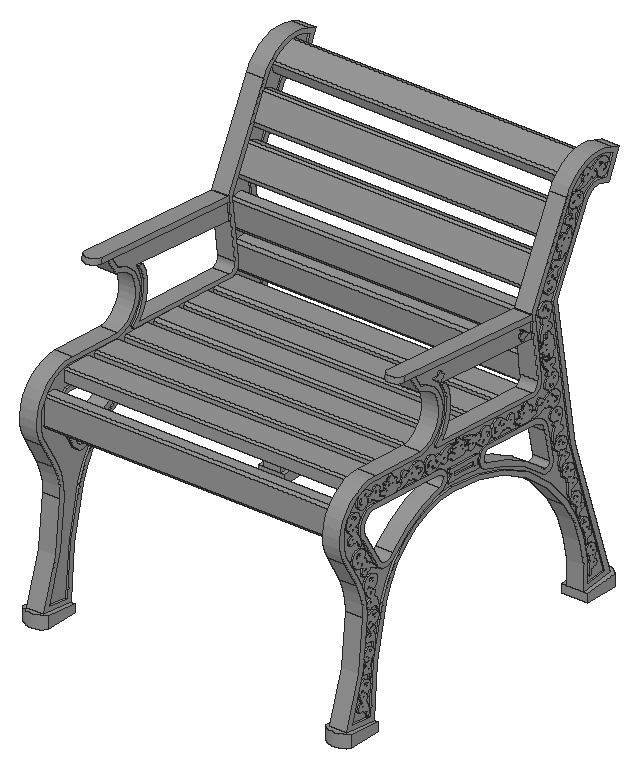
Revit family "Скамейка чугунная «Ретро стиль»", category Мебель, Revit 2017 (continued)
Definition of nested family "Опора"
  Forms (mm)
    Extrusion 7, solid, material <- "Материал"
      sketch origin (0, 0, 0) x (0, 1, 0) y (0, 0, 1)
        loop
          spline (145.129, 128.098) -> (145.082, 129.01) -> (144.89, 129.924) -> (144.561, 130.807) -> (144.105, 131.628) -> (143.54, 132.356) -> (142.886, 132.967) -> (142.165, 133.438) -> (141.405, 133.751) -> (140.632, 133.897) -> (139.874, 133.868) -> (139.159, 133.668) -> (138.512, 133.302)
          spline (138.512, 133.302) -> (139.062, 133.212) -> (139.584, 132.901) -> (140.01, 132.409) -> (140.286, 131.797) -> (140.379, 131.144) -> (140.275, 130.532) -> (139.989, 130.039) -> (139.556, 129.727) -> (139.031, 129.636) -> (138.481, 129.778) -> (137.976, 130.134) -> (137.579, 130.659)
          spline (137.579, 130.659) -> (137.106, 131.72) -> (136.816, 132.838) -> (136.722, 133.965) -> (136.827, 135.051) -> (137.128, 136.048) -> (137.611, 136.912) -> (138.255, 137.606) -> (139.031, 138.097) -> (139.905, 138.366) -> (140.838, 138.399) -> (141.79, 138.196) -> (142.719, 137.765)
          spline (142.719, 137.765) -> (142.624, 137.092) -> (142.623, 136.392) -> (142.716, 135.681) -> (142.901, 134.978) -> (143.172, 134.3) -> (143.524, 133.663) -> (143.948, 133.084) -> (144.432, 132.576) -> (144.966, 132.153) -> (145.536, 131.824) -> (146.127, 131.598) -> (146.726, 131.48)
          spline (146.726, 131.48) -> (147.045, 131.433) -> (147.363, 131.359) -> (147.68, 131.257) -> (147.994, 131.13) -> (148.303, 130.976) -> (148.605, 130.798) -> (148.899, 130.596) -> (149.183, 130.371) -> (149.456, 130.124) -> (149.716, 129.857) -> (149.962, 129.571) -> (150.192, 129.268)
          spline (150.192, 129.268) -> (150.319, 129.053) -> (150.409, 128.819) -> (150.457, 128.576) -> (150.463, 128.334) -> (150.424, 128.106) -> (150.344, 127.9) -> (150.226, 127.727) -> (150.075, 127.594) -> (149.898, 127.507) -> (149.702, 127.471) -> (149.498, 127.486) -> (149.294, 127.552)
          spline (149.294, 127.552) -> (148.669, 127.767) -> (148.041, 127.85) -> (147.429, 127.799) -> (146.854, 127.615) -> (146.334, 127.305) -> (145.885, 126.878) -> (145.523, 126.348) -> (145.258, 125.732) -> (145.1, 125.051) -> (145.054, 124.326) -> (145.121, 123.581) -> (145.299, 122.84)
          line (145.299, 122.84) -> (145.865, 122.275)
          arc (145.865, 122.275) -> (146.061, 122.713) -> (146.27, 123.146) r 15.898
          spline (146.27, 123.146) -> (146.448, 123.297) -> (146.645, 123.414) -> (146.859, 123.497) -> (147.085, 123.543) -> (147.319, 123.551) -> (147.558, 123.521) -> (147.796, 123.454) -> (148.03, 123.351) -> (148.255, 123.214) -> (148.468, 123.045) -> (148.664, 122.847) -> (148.841, 122.624)
          spline (148.841, 122.624) -> (149.126, 122.115) -> (149.302, 121.558) -> (149.358, 120.989) -> (149.289, 120.446) -> (149.1, 119.967) -> (148.804, 119.584) -> (148.42, 119.322) -> (147.975, 119.198) -> (147.499, 119.222) -> (147.023, 119.392) -> (146.579, 119.696) -> (146.198, 120.113)
          spline (146.198, 120.113) -> (145.592, 120.756) -> (144.881, 121.188) -> (144.129, 121.37) -> (143.401, 121.287) -> (142.763, 120.946) -> (142.271, 120.377) -> (141.968, 119.631) -> (141.881, 118.773) -> (142.019, 117.88) -> (142.368, 117.03) -> (142.898, 116.299) -> (143.562, 115.752)
          spline (143.562, 115.752) -> (143.571, 116.036) -> (143.647, 116.292) -> (143.784, 116.501) -> (143.97, 116.648) -> (144.193, 116.72) -> (144.435, 116.713) -> (144.676, 116.626) -> (144.9, 116.467) -> (145.088, 116.247) -> (145.225, 115.984) -> (145.302, 115.698) -> (145.313, 115.411)
          spline (145.313, 115.411) -> (144.831, 113.583) -> (144.485, 111.689) -> (144.277, 109.742) -> (144.208, 107.753) -> (144.279, 105.737) -> (144.489, 103.706) -> (144.838, 101.675) -> (145.322, 99.657) -> (145.938, 97.665) -> (146.683, 95.712) -> (147.551, 93.813) -> (148.537, 91.978)
          line (148.537, 91.978) -> (149.254, 92.394)
          arc (149.254, 92.394) -> (148.862, 93.603) -> (148.581, 94.844) r 13.941
          spline (148.581, 94.844) -> (148.494, 95.619) -> (148.428, 96.394) -> (148.383, 97.166) -> (148.359, 97.936) -> (148.357, 98.702) -> (148.376, 99.463) -> (148.416, 100.219) -> (148.477, 100.968) -> (148.56, 101.711) -> (148.664, 102.446) -> (148.789, 103.173) -> (148.935, 103.89)
          spline (148.935, 103.89) -> (149.029, 104.119) -> (149.173, 104.303) -> (149.357, 104.431) -> (149.571, 104.494) -> (149.8, 104.489) -> (150.031, 104.415) -> (150.248, 104.278) -> (150.439, 104.086) -> (150.59, 103.851) -> (150.694, 103.588) -> (150.743, 103.313) -> (150.734, 103.044)
          spline (150.734, 103.044) -> (151.437, 103.369) -> (152.014, 103.916) -> (152.424, 104.649) -> (152.641, 105.516) -> (152.649, 106.459) -> (152.447, 107.414) -> (152.05, 108.316) -> (151.485, 109.103) -> (150.789, 109.721) -> (150.011, 110.129) -> (149.203, 110.298) -> (148.421, 110.218)
          spline (148.421, 110.218) -> (148.713, 110.773) -> (149.072, 111.263) -> (149.493, 111.681) -> (149.966, 112.018) -> (150.485, 112.269) -> (151.039, 112.428) -> (151.619, 112.494) -> (152.214, 112.464) -> (152.814, 112.341) -> (153.408, 112.124) -> (153.985, 111.82) -> (154.536, 111.432)
          spline (154.536, 111.432) -> (154.138, 111.201) -> (153.785, 110.892) -> (153.487, 110.513) -> (153.249, 110.074) -> (153.078, 109.584) -> (152.979, 109.056) -> (152.952, 108.502) -> (153, 107.935) -> (153.12, 107.369) -> (153.31, 106.817) -> (153.566, 106.293) -> (153.88, 105.808)
          spline (153.88, 105.808) -> (154.666, 105.573) -> (155.447, 105.545) -> (156.184, 105.724) -> (156.842, 106.103) -> (157.387, 106.661) -> (157.792, 107.372) -> (158.037, 108.2) -> (158.11, 109.104) -> (158.007, 110.038) -> (157.733, 110.958) -> (157.303, 111.815) -> (156.737, 112.569)
          spline (156.737, 112.569) -> (156.262, 113.119) -> (155.745, 113.609) -> (155.193, 114.033) -> (154.613, 114.385) -> (154.014, 114.662) -> (153.404, 114.858) -> (152.79, 114.971) -> (152.18, 115.001) -> (151.585, 114.945) -> (151.01, 114.806) -> (150.464, 114.585) -> (149.955, 114.284)
          spline (149.955, 114.284) -> (150.277, 115.341) -> (150.574, 116.412) -> (150.845, 117.496) -> (151.091, 118.594) -> (151.311, 119.704) -> (151.505, 120.825) -> (151.673, 121.957) -> (151.815, 123.099) -> (151.931, 124.25) -> (152.02, 125.409) -> (152.083, 126.576) -> (152.12, 127.75)
          spline (152.12, 127.75) -> (152.091, 128.912) -> (151.96, 130.084) -> (151.728, 131.254) -> (151.397, 132.409) -> (150.971, 133.537) -> (150.454, 134.625) -> (149.852, 135.662) -> (149.172, 136.636) -> (148.422, 137.538) -> (147.608, 138.356) -> (146.74, 139.082) -> (145.828, 139.708)
          spline (145.828, 139.708) -> (144.552, 140.382) -> (143.239, 140.857) -> (141.913, 141.122) -> (140.6, 141.174) -> (139.323, 141.01) -> (138.106, 140.636) -> (136.972, 140.056) -> (135.943, 139.283) -> (135.037, 138.33) -> (134.272, 137.215) -> (133.661, 135.96) -> (133.216, 134.587)
        loop
          spline (160.194, 86.797) -> (159.925, 86.096) -> (159.754, 85.346) -> (159.685, 84.565) -> (159.721, 83.772) -> (159.859, 82.987) -> (160.097, 82.229) -> (160.43, 81.518) -> (160.847, 80.87) -> (161.34, 80.302) -> (161.897, 79.827) -> (162.502, 79.458) -> (163.142, 79.204)
          spline (163.142, 79.204) -> (163.486, 79.085) -> (163.824, 78.938) -> (164.153, 78.761) -> (164.472, 78.557) -> (164.78, 78.327) -> (165.074, 78.071) -> (165.353, 77.791) -> (165.616, 77.489) -> (165.86, 77.166) -> (166.086, 76.824) -> (166.291, 76.465) -> (166.474, 76.091)
          spline (166.474, 76.091) -> (166.564, 75.834) -> (166.607, 75.564) -> (166.602, 75.293) -> (166.55, 75.033) -> (166.451, 74.796) -> (166.312, 74.593) -> (166.138, 74.433) -> (165.937, 74.323) -> (165.718, 74.268) -> (165.491, 74.271) -> (165.267, 74.331) -> (165.054, 74.445)
          spline (165.054, 74.445) -> (164.41, 74.809) -> (163.729, 75.033) -> (163.033, 75.109) -> (162.346, 75.036) -> (161.69, 74.815) -> (161.085, 74.453) -> (160.552, 73.963) -> (160.108, 73.361) -> (159.766, 72.664) -> (159.539, 71.898) -> (159.432, 71.085) -> (159.451, 70.253)
          line (159.451, 70.253) -> (160.149, 69.555)
          arc (160.149, 69.555) -> (160.566, 70.185) -> (161.195, 70.602) r 1.893
          spline (161.195, 70.602) -> (161.404, 70.626) -> (161.615, 70.623) -> (161.826, 70.593) -> (162.034, 70.536) -> (162.238, 70.454) -> (162.435, 70.346) -> (162.623, 70.215) -> (162.799, 70.062) -> (162.962, 69.887) -> (163.11, 69.695) -> (163.24, 69.485) -> (163.352, 69.262)
          spline (163.352, 69.262) -> (163.547, 68.656) -> (163.609, 68.021) -> (163.533, 67.4) -> (163.324, 66.833) -> (162.997, 66.361) -> (162.573, 66.013) -> (162.081, 65.814) -> (161.554, 65.778) -> (161.028, 65.905) -> (160.538, 66.189) -> (160.117, 66.609) -> (159.793, 67.138)
          spline (159.793, 67.138) -> (159.272, 67.957) -> (158.583, 68.572) -> (157.788, 68.929) -> (156.955, 68.996) -> (156.16, 68.767) -> (155.472, 68.263) -> (154.953, 67.528) -> (154.648, 66.628) -> (154.585, 65.641) -> (154.768, 64.656) -> (155.183, 63.759) -> (155.791, 63.031)
          spline (155.791, 63.031) -> (155.87, 63.332) -> (156.017, 63.591) -> (156.22, 63.786) -> (156.464, 63.903) -> (156.73, 63.933) -> (156.998, 63.873) -> (157.247, 63.728) -> (157.458, 63.51) -> (157.614, 63.234) -> (157.704, 62.923) -> (157.721, 62.6) -> (157.663, 62.29)
          spline (157.663, 62.29) -> (156.681, 60.435) -> (155.835, 58.48) -> (155.13, 56.438) -> (154.57, 54.322) -> (154.16, 52.146) -> (153.902, 49.925) -> (153.797, 47.674) -> (153.848, 45.408) -> (154.052, 43.142) -> (154.41, 40.891) -> (154.918, 38.669) -> (155.573, 36.492)
          line (155.573, 36.492) -> (156.698, 36.873)
          arc (156.698, 36.873) -> (156.486, 38.856) -> (156.466, 40.85) r 20.636
          spline (156.466, 40.85) -> (156.575, 41.584) -> (156.702, 42.312) -> (156.846, 43.034) -> (157.007, 43.75) -> (157.186, 44.459) -> (157.382, 45.16) -> (157.595, 45.852) -> (157.825, 46.536) -> (158.072, 47.21) -> (158.335, 47.874) -> (158.614, 48.527) -> (158.909, 49.17)
          spline (158.909, 49.17) -> (159.069, 49.395) -> (159.275, 49.562) -> (159.512, 49.659) -> (159.765, 49.681) -> (160.02, 49.626) -> (160.26, 49.498) -> (160.469, 49.304) -> (160.635, 49.058) -> (160.748, 48.773) -> (160.8, 48.469) -> (160.787, 48.164) -> (160.712, 47.878)
          spline (160.712, 47.878) -> (161.576, 48.075) -> (162.353, 48.538) -> (162.989, 49.235) -> (163.441, 50.118) -> (163.679, 51.127) -> (163.686, 52.194) -> (163.462, 53.245) -> (163.021, 54.209) -> (162.395, 55.02) -> (161.625, 55.624) -> (160.764, 55.979) -> (159.871, 56.06)
          spline (159.871, 56.06) -> (160.332, 56.592) -> (160.853, 57.041) -> (161.423, 57.398) -> (162.034, 57.658) -> (162.673, 57.815) -> (163.331, 57.867) -> (163.994, 57.813) -> (164.651, 57.654) -> (165.291, 57.393) -> (165.902, 57.034) -> (166.473, 56.584) -> (166.994, 56.051)
          spline (166.994, 56.051) -> (166.493, 55.888) -> (166.024, 55.633) -> (165.598, 55.291) -> (165.227, 54.871) -> (164.917, 54.383) -> (164.678, 53.839) -> (164.514, 53.251) -> (164.429, 52.633) -> (164.426, 52.001) -> (164.504, 51.369) -> (164.662, 50.752) -> (164.896, 50.166)
          spline (164.896, 50.166) -> (165.716, 49.746) -> (166.581, 49.548) -> (167.447, 49.582) -> (168.273, 49.847) -> (169.017, 50.328) -> (169.642, 51.003) -> (170.117, 51.838) -> (170.417, 52.79) -> (170.53, 53.814) -> (170.447, 54.857) -> (170.175, 55.869) -> (169.726, 56.798)
          spline (169.726, 56.798) -> (169.329, 57.488) -> (168.871, 58.124) -> (168.358, 58.696) -> (167.796, 59.198) -> (167.195, 59.623) -> (166.561, 59.964) -> (165.903, 60.217) -> (165.23, 60.379) -> (164.551, 60.447) -> (163.876, 60.421) -> (163.213, 60.301) -> (162.572, 60.088)
          spline (162.572, 60.088) -> (163.187, 61.151) -> (163.779, 62.235) -> (164.345, 63.339) -> (164.886, 64.462) -> (165.401, 65.604) -> (165.89, 66.764) -> (166.352, 67.941) -> (166.788, 69.134) -> (167.197, 70.342) -> (167.578, 71.566) -> (167.932, 72.802) -> (168.258, 74.052)
          spline (168.258, 74.052) -> (168.508, 75.303) -> (168.646, 76.587) -> (168.671, 77.89) -> (168.582, 79.199) -> (168.38, 80.499) -> (168.067, 81.775) -> (167.647, 83.015) -> (167.125, 84.205) -> (166.505, 85.331) -> (165.796, 86.382) -> (165.003, 87.346) -> (164.137, 88.212)
          spline (164.137, 88.212) -> (162.876, 89.208) -> (161.526, 89.998) -> (160.11, 90.566) -> (158.656, 90.903) -> (157.191, 91.002) -> (155.741, 90.861) -> (154.335, 90.483) -> (152.998, 89.875) -> (151.756, 89.048) -> (150.631, 88.018) -> (149.644, 86.803) -> (148.814, 85.428)
          spline (148.814, 85.428) -> (148.326, 84.295) -> (147.983, 83.079) -> (147.792, 81.805) -> (147.757, 80.499) -> (147.879, 79.188) -> (148.156, 77.898) -> (148.582, 76.656) -> (149.147, 75.488) -> (149.841, 74.417) -> (150.649, 73.466) -> (151.554, 72.654) -> (152.539, 71.998)
          spline (152.539, 71.998) -> (153.329, 71.627) -> (154.146, 71.387) -> (154.976, 71.281) -> (155.803, 71.314) -> (156.61, 71.483) -> (157.382, 71.786) -> (158.104, 72.216) -> (158.764, 72.767) -> (159.347, 73.426) -> (159.843, 74.181) -> (160.242, 75.019) -> (160.537, 75.923)
          spline (160.537, 75.923) -> (160.706, 76.91) -> (160.714, 77.93) -> (160.561, 78.947) -> (160.252, 79.924) -> (159.798, 80.826) -> (159.215, 81.62) -> (158.525, 82.279) -> (157.753, 82.778) -> (156.925, 83.099) -> (156.073, 83.231) -> (155.225, 83.17) -> (154.414, 82.916)
          spline (154.414, 82.916) -> (155.007, 82.702) -> (155.513, 82.258) -> (155.869, 81.639) -> (156.03, 80.924) -> (155.974, 80.204) -> (155.71, 79.57) -> (155.27, 79.103) -> (154.711, 78.862) -> (154.103, 78.877) -> (153.524, 79.147) -> (153.046, 79.637) -> (152.731, 80.285)
          spline (152.731, 80.285) -> (152.46, 81.522) -> (152.408, 82.783) -> (152.576, 84.01) -> (152.958, 85.151) -> (153.536, 86.155) -> (154.285, 86.978) -> (155.172, 87.582) -> (156.157, 87.943) -> (157.198, 88.043) -> (158.249, 87.879) -> (159.262, 87.457) -> (160.194, 86.797)
        loop
          line (-7.63, 512.248) -> (-8.191, 505.843) -> (-3.36, 504.197)
          arc (-3.36, 504.197) -> (-2.02, 501.929) -> (-4.055, 500.257) r 2.024
          arc (-4.055, 500.257) -> (0.738, 501.208) -> (1.021, 506.086) r 3.992
          arc (1.021, 506.086) -> (7.32, 505.364) -> (13.394, 507.181) r 15.765
          arc (13.394, 507.181) -> (7.727, 510.026) -> (1.399, 510.409) r 15.765
          arc (1.399, 510.409) -> (1.967, 515.262) -> (-2.587, 517.03) r 3.992
          arc (-2.587, 517.03) -> (-0.873, 515.03) -> (-2.587, 513.03) r 2.024
          line (-2.587, 513.03) -> (-7.63, 512.248)
        loop
          line (-10.635, 361.062) -> (-10.761, 362.033)
          arc (-10.761, 362.033) -> (-18.157, 365.242) -> (-24.536, 370.173) r 32.5
          arc (-24.536, 370.173) -> (-24.502, 372.225) -> (-22.453, 372.321) r 1.499
          arc (-22.453, 372.321) -> (-26.613, 378.063) -> (-32.355, 373.903) r 5.014
          arc (-32.355, 373.903) -> (-33.409, 379.487) -> (-30.13, 384.127) r 7.282
          arc (-30.13, 384.127) -> (-28.243, 380.048) -> (-23.847, 379.11) r 5.025
          arc (-23.847, 379.11) -> (-23.358, 386.21) -> (-30.16, 388.306) r 5.728
          arc (-30.16, 388.306) -> (-34.875, 384.839) -> (-36.262, 379.154) r 8.563
          arc (-36.262, 379.154) -> (-43.096, 386.194) -> (-50.947, 392.078) r 62.537
          arc (-50.947, 392.078) -> (-60.107, 394.436) -> (-68.914, 390.987) r 15.376
          arc (-68.914, 390.987) -> (-74.646, 379.833) -> (-70.399, 368.034) r 15.725
          arc (-70.399, 368.034) -> (-61.73, 364.523) -> (-53.416, 368.806) r 11.211
          arc (-53.416, 368.806) -> (-51.659, 375.688) -> (-55.553, 381.629) r 8.808
          arc (-55.553, 381.629) -> (-62.677, 381.673) -> (-65.698, 375.22) r 6.606
          arc (-65.698, 375.22) -> (-61.352, 375.94) -> (-63.12, 371.906) r 2.505
          arc (-63.12, 371.906) -> (-70.523, 376.419) -> (-68.473, 384.842) r 7.347
          arc (-68.473, 384.842) -> (-63.121, 383.147) -> (-58.609, 386.488) r 6.173
          arc (-58.609, 386.488) -> (-56.673, 388.876) -> (-53.904, 390.212) r 7.045
          arc (-53.904, 390.212) -> (-52.19, 389.468) -> (-52.407, 387.612) r 1.567
          arc (-52.407, 387.612) -> (-53.651, 381.915) -> (-49.209, 378.137) r 5.667
          line (-49.209, 378.137) -> (-48.343, 378.636)
          arc (-48.343, 378.636) -> (-48.948, 381.452) -> (-46.829, 383.402) r 2.901
          arc (-46.829, 383.402) -> (-43.243, 381.175) -> (-45.434, 377.566) r 3
          arc (-45.434, 377.566) -> (-48.102, 371.746) -> (-41.838, 370.42) r 4.1
          arc (-41.838, 370.42) -> (-42.455, 372.441) -> (-40.383, 372.855) r 1.425
          arc (-40.383, 372.855) -> (-26.983, 363.24) -> (-10.635, 361.062) r 34
        loop
          arc (-82.175, 373.601) -> (-87.527, 375.297) -> (-92.039, 371.956) r 6.173
          arc (-92.039, 371.956) -> (-93.975, 369.568) -> (-96.743, 368.232) r 7.045
          arc (-96.743, 368.232) -> (-98.457, 368.975) -> (-98.24, 370.831) r 1.567
          arc (-98.24, 370.831) -> (-96.997, 376.528) -> (-101.438, 380.306) r 5.667
          line (-101.438, 380.306) -> (-102.305, 379.807)
          arc (-102.305, 379.807) -> (-101.7, 376.992) -> (-103.818, 375.042) r 2.901
          arc (-103.818, 375.042) -> (-107.405, 377.269) -> (-105.214, 380.877) r 3
          arc (-105.214, 380.877) -> (-102.545, 386.698) -> (-108.81, 388.024) r 4.1
          arc (-108.81, 388.024) -> (-108.193, 386.003) -> (-110.264, 385.588) r 1.425
          arc (-110.264, 385.588) -> (-123.664, 395.203) -> (-140.012, 397.381) r 34
          line (-140.012, 397.381) -> (-139.886, 396.41)
          arc (-139.886, 396.41) -> (-132.49, 393.201) -> (-126.112, 388.27) r 32.5
          arc (-126.112, 388.27) -> (-126.145, 386.219) -> (-128.195, 386.122) r 1.499
          arc (-128.195, 386.122) -> (-124.034, 380.38) -> (-118.293, 384.54) r 5.014
          arc (-118.293, 384.54) -> (-117.239, 378.957) -> (-120.518, 374.316) r 7.282
          arc (-120.518, 374.316) -> (-122.405, 378.395) -> (-126.8, 379.334) r 5.025
          arc (-126.8, 379.334) -> (-127.29, 372.233) -> (-120.488, 370.138) r 5.728
          arc (-120.488, 370.138) -> (-115.773, 373.604) -> (-114.386, 379.29) r 8.563
          arc (-114.386, 379.29) -> (-107.551, 372.25) -> (-99.7, 366.366) r 62.537
          arc (-99.7, 366.366) -> (-90.54, 364.007) -> (-81.733, 367.457) r 15.376
          arc (-81.733, 367.457) -> (-76.002, 378.61) -> (-80.249, 390.409) r 15.725
          arc (-80.249, 390.409) -> (-88.917, 393.92) -> (-97.232, 389.638) r 11.211
          arc (-97.232, 389.638) -> (-98.988, 382.755) -> (-95.095, 376.814) r 8.808
          arc (-95.095, 376.814) -> (-87.97, 376.771) -> (-84.95, 383.224) r 6.606
          arc (-84.95, 383.224) -> (-89.295, 382.503) -> (-87.527, 386.537) r 2.505
          arc (-87.527, 386.537) -> (-80.124, 382.025) -> (-82.175, 373.601) r 7.347
        loop
          line (-164.864, 398.026) -> (-164.614, 398.972)
          arc (-164.614, 398.972) -> (-181.107, 398.918) -> (-195.633, 391.109) r 34
          arc (-195.633, 391.109) -> (-197.634, 391.787) -> (-196.762, 393.711) r 1.425
          arc (-196.762, 393.711) -> (-203.145, 393.203) -> (-201.248, 387.088) r 4.1
          arc (-201.248, 387.088) -> (-199.541, 383.227) -> (-203.384, 381.48) r 3
          arc (-203.384, 381.48) -> (-205.234, 383.687) -> (-204.271, 386.401) r 2.901
          line (-204.271, 386.401) -> (-205.066, 387.008)
          arc (-205.066, 387.008) -> (-209.957, 383.833) -> (-209.458, 378.023) r 5.667
          arc (-209.458, 378.023) -> (-209.482, 376.155) -> (-211.277, 375.638) r 1.567
          arc (-211.277, 375.638) -> (-213.851, 377.32) -> (-215.463, 379.937) r 7.045
          arc (-215.463, 379.937) -> (-219.507, 383.831) -> (-225.033, 382.839) r 6.173
          arc (-225.033, 382.839) -> (-225.981, 391.457) -> (-218.059, 394.978) r 7.347
          arc (-218.059, 394.978) -> (-216.825, 390.75) -> (-221.042, 392.024) r 2.505
          arc (-221.042, 392.024) -> (-218.877, 385.236) -> (-211.806, 384.362) r 6.606
          arc (-211.806, 384.362) -> (-207.181, 389.752) -> (-208.036, 396.803) r 8.808
          arc (-208.036, 396.803) -> (-215.729, 402.121) -> (-224.778, 399.755) r 11.211
          arc (-224.778, 399.755) -> (-230.509, 388.602) -> (-226.262, 376.803) r 15.725
          arc (-226.262, 376.803) -> (-217.973, 372.248) -> (-208.585, 373.407) r 15.376
          arc (-208.585, 373.407) -> (-200.042, 378.231) -> (-192.358, 384.332) r 62.537
          arc (-192.358, 384.332) -> (-191.714, 378.515) -> (-187.485, 374.47) r 8.563
          arc (-187.485, 374.47) -> (-180.47, 375.672) -> (-180.041, 382.777) r 5.728
          arc (-180.041, 382.777) -> (-184.521, 382.412) -> (-186.917, 378.61) r 5.025
          arc (-186.917, 378.61) -> (-189.571, 383.634) -> (-187.807, 389.036) r 7.282
          arc (-187.807, 389.036) -> (-182.649, 384.17) -> (-177.783, 389.329) r 5.014
          arc (-177.783, 389.329) -> (-179.804, 389.689) -> (-179.572, 391.728) r 1.499
          arc (-179.572, 391.728) -> (-172.612, 395.796) -> (-164.864, 398.026) r 32.5
        loop
          spline (-239.318, 377.688) -> (-237.78, 379.172) -> (-236.455, 380.854) -> (-235.37, 382.703) -> (-234.544, 384.683) -> (-233.993, 386.759) -> (-233.728, 388.89) -> (-233.752, 391.038) -> (-234.066, 393.162) -> (-234.663, 395.222) -> (-235.533, 397.181) -> (-236.66, 399.002) -> (-238.021, 400.65)
          spline (-238.021, 400.65) -> (-239.176, 401.747) -> (-240.437, 402.716) -> (-241.792, 403.548) -> (-243.224, 404.232) -> (-244.72, 404.763) -> (-246.263, 405.133) -> (-247.835, 405.339) -> (-249.42, 405.378) -> (-251.001, 405.251) -> (-252.56, 404.959) -> (-254.081, 404.504) -> (-255.548, 403.892)
          spline (-255.548, 403.892) -> (-257.002, 403.169) -> (-258.438, 402.409) -> (-259.854, 401.61) -> (-261.248, 400.774) -> (-262.621, 399.902) -> (-263.97, 398.994) -> (-265.295, 398.05) -> (-266.596, 397.072) -> (-267.87, 396.06) -> (-269.118, 395.015) -> (-270.339, 393.937) -> (-271.531, 392.827)
          spline (-271.531, 392.827) -> (-271.362, 393.807) -> (-271.306, 394.8) -> (-271.365, 395.793) -> (-271.537, 396.772) -> (-271.821, 397.725) -> (-272.212, 398.637) -> (-272.705, 399.498) -> (-273.294, 400.294) -> (-273.971, 401.017) -> (-274.726, 401.655) -> (-275.549, 402.2) -> (-276.43, 402.645)
          spline (-276.43, 402.645) -> (-277.604, 403.119) -> (-278.852, 403.318) -> (-280.114, 403.233) -> (-281.326, 402.868) -> (-282.428, 402.24) -> (-283.366, 401.382) -> (-284.092, 400.335) -> (-284.57, 399.152) -> (-284.777, 397.892) -> (-284.702, 396.617) -> (-284.35, 395.391) -> (-283.737, 394.274)
          spline (-283.737, 394.274) -> (-283.003, 394.048) -> (-282.242, 393.938) -> (-281.474, 393.948) -> (-280.717, 394.077) -> (-279.988, 394.322) -> (-279.305, 394.678) -> (-278.684, 395.135) -> (-278.14, 395.684) -> (-277.686, 396.31) -> (-277.333, 397) -> (-277.09, 397.736) -> (-276.961, 398.501)
          spline (-276.961, 398.501) -> (-276.252, 397.844) -> (-275.636, 397.097) -> (-275.125, 396.274) -> (-274.726, 395.39) -> (-274.448, 394.46) -> (-274.295, 393.5) -> (-274.27, 392.528) -> (-274.374, 391.562) -> (-274.604, 390.617) -> (-274.956, 389.712) -> (-275.425, 388.863) -> (-276.001, 388.084)
          spline (-276.001, 388.084) -> (-276.218, 389.374) -> (-276.757, 390.563) -> (-277.583, 391.57) -> (-278.64, 392.327) -> (-279.855, 392.782) -> (-281.145, 392.903) -> (-282.422, 392.683) -> (-283.601, 392.137) -> (-284.599, 391.301) -> (-285.349, 390.233) -> (-285.801, 389.006) -> (-285.923, 387.703)
          spline (-285.923, 387.703) -> (-285.589, 387.87) -> (-285.225, 387.948) -> (-284.854, 387.932) -> (-284.498, 387.824) -> (-284.18, 387.629) -> (-283.92, 387.361) -> (-283.734, 387.036) -> (-283.635, 386.674) -> (-283.627, 386.298) -> (-283.712, 385.932) -> (-283.885, 385.599) -> (-284.134, 385.32)
          spline (-284.134, 385.32) -> (-285.203, 384.514) -> (-286.305, 383.754) -> (-287.437, 383.04) -> (-288.597, 382.375) -> (-289.783, 381.758) -> (-290.994, 381.191) -> (-292.227, 380.676) -> (-293.48, 380.213) -> (-294.751, 379.802) -> (-296.037, 379.445) -> (-297.337, 379.142) -> (-298.648, 378.894)
          line (-298.648, 378.894) -> (-298.888, 377.946)
          spline (-298.888, 377.946) -> (-296.191, 377.416) -> (-293.46, 377.11) -> (-290.713, 377.03) -> (-287.969, 377.177) -> (-285.245, 377.549) -> (-282.56, 378.144) -> (-279.932, 378.958) -> (-277.379, 379.987) -> (-274.916, 381.222) -> (-272.562, 382.655) -> (-270.33, 384.278) -> (-268.237, 386.079)
          spline (-268.237, 386.079) -> (-267.873, 386.225) -> (-267.484, 386.264) -> (-267.099, 386.194) -> (-266.748, 386.019) -> (-266.458, 385.754) -> (-266.251, 385.418) -> (-266.144, 385.038) -> (-266.144, 384.643) -> (-266.252, 384.263) -> (-266.459, 383.927) -> (-266.749, 383.661) -> (-267.1, 383.486)
          spline (-267.1, 383.486) -> (-266.146, 382.74) -> (-265.015, 382.31) -> (-263.81, 382.236) -> (-262.635, 382.523) -> (-261.596, 383.146) -> (-260.785, 384.05) -> (-260.272, 385.155) -> (-260.104, 386.364) -> (-260.295, 387.568) -> (-260.829, 388.662) -> (-261.658, 389.548) -> (-262.708, 390.149)
          spline (-262.708, 390.149) -> (-263.386, 390.519) -> (-263.946, 391.052) -> (-264.351, 391.713) -> (-264.575, 392.458) -> (-264.601, 393.235) -> (-264.428, 393.994) -> (-264.068, 394.682) -> (-263.545, 395.254) -> (-262.894, 395.671) -> (-262.159, 395.905) -> (-261.389, 395.94) -> (-260.636, 395.774)
          spline (-260.636, 395.774) -> (-260.186, 395.564) -> (-259.777, 395.279) -> (-259.424, 394.927) -> (-259.136, 394.519) -> (-258.922, 394.066) -> (-258.788, 393.584) -> (-258.739, 393.085) -> (-258.775, 392.584) -> (-258.897, 392.098) -> (-259.099, 391.64) -> (-259.377, 391.223) -> (-259.721, 390.862)
          line (-259.721, 390.862) -> (-258.929, 390.262)
          spline (-258.929, 390.262) -> (-257.929, 390.398) -> (-256.969, 390.713) -> (-256.08, 391.197) -> (-255.291, 391.834) -> (-254.627, 392.603) -> (-254.111, 393.479) -> (-253.758, 394.434) -> (-253.581, 395.438) -> (-253.584, 396.457) -> (-253.768, 397.459) -> (-254.127, 398.412) -> (-254.649, 399.284)
          spline (-254.649, 399.284) -> (-254.815, 399.571) -> (-254.917, 399.888) -> (-254.95, 400.219) -> (-254.914, 400.55) -> (-254.808, 400.866) -> (-254.64, 401.152) -> (-254.415, 401.396) -> (-254.144, 401.586) -> (-253.839, 401.714) -> (-253.515, 401.775) -> (-253.185, 401.765) -> (-252.866, 401.684)
          spline (-252.866, 401.684) -> (-252.392, 401.49) -> (-251.934, 401.26) -> (-251.495, 400.998) -> (-251.075, 400.703) -> (-250.678, 400.379) -> (-250.305, 400.025) -> (-249.959, 399.645) -> (-249.642, 399.241) -> (-249.355, 398.814) -> (-249.099, 398.367) -> (-248.877, 397.902) -> (-248.689, 397.422)
          spline (-248.689, 397.422) -> (-248.299, 396.536) -> (-247.776, 395.723) -> (-247.133, 395.003) -> (-246.386, 394.393) -> (-245.554, 393.91) -> (-244.656, 393.564) -> (-243.716, 393.364) -> (-242.757, 393.316) -> (-241.802, 393.421) -> (-240.874, 393.675) -> (-239.997, 394.073) -> (-239.193, 394.604)
          spline (-239.193, 394.604) -> (-238.277, 393.371) -> (-237.637, 391.971) -> (-237.3, 390.467) -> (-237.281, 388.924) -> (-237.582, 387.412) -> (-238.189, 385.996) -> (-239.075, 384.738) -> (-240.202, 383.695) -> (-241.519, 382.912) -> (-242.968, 382.424) -> (-244.486, 382.253) -> (-246.006, 382.405)
          spline (-246.006, 382.405) -> (-246.825, 382.739) -> (-247.476, 383.341) -> (-247.876, 384.136) -> (-247.976, 385.022) -> (-247.761, 385.888) -> (-247.26, 386.623) -> (-246.535, 387.134) -> (-245.68, 387.357) -> (-244.801, 387.262) -> (-244.012, 386.863) -> (-243.411, 386.21) -> (-243.075, 385.385)
          spline (-243.075, 385.385) -> (-242.88, 386.622) -> (-242.919, 387.873) -> (-243.191, 389.095) -> (-243.686, 390.242) -> (-244.388, 391.274) -> (-245.269, 392.154) -> (-246.299, 392.849) -> (-247.441, 393.336) -> (-248.654, 393.596) -> (-249.893, 393.62) -> (-251.115, 393.408) -> (-252.276, 392.966)
          spline (-252.276, 392.966) -> (-253.32, 392.357) -> (-254.271, 391.608) -> (-255.111, 390.733) -> (-255.824, 389.751) -> (-256.395, 388.678) -> (-256.815, 387.537) -> (-257.076, 386.347) -> (-257.171, 385.134) -> (-257.1, 383.919) -> (-256.863, 382.725) -> (-256.466, 381.576) -> (-255.915, 380.494)
          spline (-255.915, 380.494) -> (-254.998, 379.183) -> (-253.904, 378.018) -> (-252.656, 377.023) -> (-251.28, 376.219) -> (-249.804, 375.621) -> (-248.259, 375.243) -> (-246.675, 375.092) -> (-245.087, 375.172) -> (-243.525, 375.479) -> (-242.023, 376.009) -> (-240.611, 376.75) -> (-239.318, 377.688)
        loop
          spline (-326.339, 380.248) -> (-327.613, 380.642) -> (-328.871, 381.089) -> (-330.109, 381.589) -> (-331.325, 382.14) -> (-332.518, 382.741) -> (-333.685, 383.392) -> (-334.824, 384.091) -> (-335.934, 384.838) -> (-337.011, 385.63) -> (-338.056, 386.466) -> (-339.065, 387.346) -> (-340.037, 388.267)
          spline (-340.037, 388.267) -> (-340.253, 388.573) -> (-340.387, 388.923) -> (-340.43, 389.296) -> (-340.381, 389.668) -> (-340.241, 390.016) -> (-340.02, 390.319) -> (-339.731, 390.556) -> (-339.393, 390.714) -> (-339.027, 390.781) -> (-338.656, 390.755) -> (-338.304, 390.637) -> (-337.991, 390.433)
          spline (-337.991, 390.433) -> (-337.965, 391.742) -> (-338.276, 393.012) -> (-338.901, 394.158) -> (-339.799, 395.1) -> (-340.908, 395.776) -> (-342.153, 396.138) -> (-343.449, 396.163) -> (-344.707, 395.848) -> (-345.842, 395.215) -> (-346.776, 394.307) -> (-347.446, 393.186) -> (-347.807, 391.928)
          spline (-347.807, 391.928) -> (-348.292, 392.768) -> (-348.662, 393.665) -> (-348.91, 394.604) -> (-349.032, 395.568) -> (-349.026, 396.54) -> (-348.892, 397.502) -> (-348.632, 398.439) -> (-348.251, 399.332) -> (-347.755, 400.166) -> (-347.154, 400.926) -> (-346.458, 401.598) -> (-345.68, 402.171)
          spline (-345.68, 402.171) -> (-345.638, 401.397) -> (-345.479, 400.638) -> (-345.206, 399.913) -> (-344.826, 399.24) -> (-344.347, 398.633) -> (-343.782, 398.109) -> (-343.143, 397.678) -> (-342.446, 397.353) -> (-341.708, 397.139) -> (-340.946, 397.043) -> (-340.178, 397.066) -> (-339.423, 397.209)
          spline (-339.423, 397.209) -> (-338.688, 398.249) -> (-338.2, 399.428) -> (-337.982, 400.686) -> (-338.046, 401.962) -> (-338.388, 403.191) -> (-338.992, 404.313) -> (-339.826, 405.271) -> (-340.851, 406.019) -> (-342.014, 406.519) -> (-343.258, 406.745) -> (-344.522, 406.688) -> (-345.741, 406.349)
          spline (-345.741, 406.349) -> (-346.666, 406.006) -> (-347.546, 405.557) -> (-348.368, 405.008) -> (-349.121, 404.366) -> (-349.796, 403.641) -> (-350.384, 402.842) -> (-350.875, 401.979) -> (-351.264, 401.065) -> (-351.546, 400.111) -> (-351.716, 399.131) -> (-351.772, 398.138) -> (-351.714, 397.145)
          spline (-351.714, 397.145) -> (-352.774, 398.382) -> (-353.865, 399.59) -> (-354.988, 400.77) -> (-356.14, 401.919) -> (-357.322, 403.037) -> (-358.533, 404.124) -> (-359.772, 405.178) -> (-361.037, 406.2) -> (-362.329, 407.187) -> (-363.645, 408.14) -> (-364.986, 409.057) -> (-366.35, 409.939)
          spline (-366.35, 409.939) -> (-367.738, 410.712) -> (-369.198, 411.336) -> (-370.715, 411.802) -> (-372.272, 412.106) -> (-373.851, 412.245) -> (-375.437, 412.217) -> (-377.011, 412.023) -> (-378.557, 411.665) -> (-380.058, 411.146) -> (-381.497, 410.472) -> (-382.859, 409.651) -> (-384.13, 408.691)
          spline (-384.13, 408.691) -> (-385.669, 407.207) -> (-386.993, 405.525) -> (-388.078, 403.676) -> (-388.904, 401.696) -> (-389.455, 399.621) -> (-389.721, 397.489) -> (-389.697, 395.341) -> (-389.383, 393.217) -> (-388.785, 391.157) -> (-387.915, 389.198) -> (-386.789, 387.377) -> (-385.427, 385.729)
          spline (-385.427, 385.729) -> (-384.248, 384.652) -> (-382.928, 383.756) -> (-381.495, 383.061) -> (-379.978, 382.579) -> (-378.409, 382.322) -> (-376.819, 382.293) -> (-375.24, 382.495) -> (-373.707, 382.922) -> (-372.249, 383.567) -> (-370.897, 384.415) -> (-369.679, 385.449) -> (-368.619, 386.648)
          spline (-368.619, 386.648) -> (-367.951, 387.662) -> (-367.426, 388.759) -> (-367.057, 389.918) -> (-366.849, 391.117) -> (-366.807, 392.334) -> (-366.932, 393.545) -> (-367.221, 394.727) -> (-367.668, 395.857) -> (-368.266, 396.913) -> (-369.002, 397.877) -> (-369.862, 398.728) -> (-370.831, 399.451)
          spline (-370.831, 399.451) -> (-371.935, 400.021) -> (-373.125, 400.369) -> (-374.36, 400.485) -> (-375.594, 400.363) -> (-376.783, 400.008) -> (-377.885, 399.433) -> (-378.86, 398.658) -> (-379.673, 397.712) -> (-380.294, 396.627) -> (-380.702, 395.444) -> (-380.882, 394.205) -> (-380.827, 392.954)
          spline (-380.827, 392.954) -> (-380.4, 393.736) -> (-379.73, 394.318) -> (-378.901, 394.625) -> (-378.017, 394.62) -> (-377.192, 394.302) -> (-376.53, 393.713) -> (-376.115, 392.926) -> (-375.999, 392.042) -> (-376.197, 391.172) -> (-376.684, 390.428) -> (-377.399, 389.902) -> (-378.25, 389.663)
          spline (-378.25, 389.663) -> (-379.777, 389.683) -> (-381.267, 390.024) -> (-382.652, 390.672) -> (-383.872, 391.598) -> (-384.874, 392.762) -> (-385.613, 394.111) -> (-386.057, 395.586) -> (-386.186, 397.123) -> (-385.994, 398.654) -> (-385.49, 400.111) -> (-384.696, 401.429) -> (-383.647, 402.552)
          spline (-383.647, 402.552) -> (-382.907, 401.933) -> (-382.081, 401.439) -> (-381.188, 401.082) -> (-380.251, 400.871) -> (-379.292, 400.811) -> (-378.335, 400.903) -> (-377.405, 401.146) -> (-376.523, 401.532) -> (-375.713, 402.054) -> (-374.993, 402.697) -> (-374.381, 403.446) -> (-373.894, 404.283)
          spline (-373.894, 404.283) -> (-373.653, 404.739) -> (-373.38, 405.175) -> (-373.075, 405.591) -> (-372.742, 405.983) -> (-372.381, 406.349) -> (-371.995, 406.687) -> (-371.585, 406.996) -> (-371.154, 407.274) -> (-370.704, 407.52) -> (-370.237, 407.731) -> (-369.756, 407.907) -> (-369.264, 408.047)
          spline (-369.264, 408.047) -> (-368.937, 408.091) -> (-368.608, 408.064) -> (-368.293, 407.968) -> (-368.005, 407.806) -> (-367.757, 407.586) -> (-367.561, 407.319) -> (-367.426, 407.015) -> (-367.357, 406.69) -> (-367.357, 406.357) -> (-367.428, 406.031) -> (-367.565, 405.728) -> (-367.762, 405.461)
          spline (-367.762, 405.461) -> (-368.379, 404.654) -> (-368.843, 403.748) -> (-369.139, 402.773) -> (-369.257, 401.761) -> (-369.193, 400.743) -> (-368.95, 399.754) -> (-368.536, 398.825) -> (-367.963, 397.986) -> (-367.251, 397.265) -> (-366.422, 396.684) -> (-365.503, 396.263) -> (-364.525, 396.015)
          line (-364.525, 396.015) -> (-363.671, 396.522)
          spline (-363.671, 396.522) -> (-363.972, 396.92) -> (-364.201, 397.365) -> (-364.35, 397.843) -> (-364.416, 398.34) -> (-364.396, 398.841) -> (-364.291, 399.331) -> (-364.104, 399.796) -> (-363.84, 400.222) -> (-363.508, 400.595) -> (-363.117, 400.905) -> (-362.679, 401.142) -> (-362.208, 401.3)
          spline (-362.208, 401.3) -> (-361.441, 401.38) -> (-360.681, 401.258) -> (-359.977, 400.943) -> (-359.377, 400.456) -> (-358.921, 399.829) -> (-358.641, 399.104) -> (-358.554, 398.331) -> (-358.668, 397.561) -> (-358.974, 396.847) -> (-359.451, 396.235) -> (-360.068, 395.768) -> (-360.782, 395.477)
          spline (-360.782, 395.477) -> (-361.894, 394.999) -> (-362.818, 394.211) -> (-363.471, 393.185) -> (-363.797, 392.009) -> (-363.766, 390.79) -> (-363.381, 389.634) -> (-362.676, 388.644) -> (-361.713, 387.908) -> (-360.579, 387.49) -> (-359.373, 387.429) -> (-358.201, 387.728) -> (-357.169, 388.363)
          spline (-357.169, 388.363) -> (-357.498, 388.576) -> (-357.757, 388.873) -> (-357.924, 389.23) -> (-357.989, 389.62) -> (-357.944, 390.012) -> (-357.795, 390.378) -> (-357.552, 390.688) -> (-357.234, 390.919) -> (-356.865, 391.053) -> (-356.475, 391.079) -> (-356.092, 390.997) -> (-355.747, 390.811)
          spline (-355.747, 390.811) -> (-353.87, 388.786) -> (-351.835, 386.922) -> (-349.657, 385.232) -> (-347.35, 383.728) -> (-344.928, 382.419) -> (-342.408, 381.314) -> (-339.808, 380.42) -> (-337.143, 379.743) -> (-334.433, 379.289) -> (-331.694, 379.059) -> (-328.946, 379.055) -> (-326.207, 379.278)
          line (-326.207, 379.278) -> (-326.339, 380.248)
        loop
          spline (-388.211, 380.222) -> (-389.862, 381.58) -> (-391.685, 382.702) -> (-393.646, 383.567) -> (-395.709, 384.16) -> (-397.833, 384.469) -> (-399.981, 384.488) -> (-402.112, 384.217) -> (-404.186, 383.661) -> (-406.164, 382.831) -> (-408.01, 381.741) -> (-409.689, 380.413) -> (-411.17, 378.871)
          spline (-411.17, 378.871) -> (-412.127, 377.598) -> (-412.945, 376.233) -> (-413.615, 374.792) -> (-414.13, 373.29) -> (-414.485, 371.744) -> (-414.676, 370.169) -> (-414.7, 368.583) -> (-414.557, 367.004) -> (-414.249, 365.448) -> (-413.779, 363.933) -> (-413.152, 362.474) -> (-412.376, 361.088)
          spline (-412.376, 361.088) -> (-411.491, 359.726) -> (-410.57, 358.387) -> (-409.614, 357.073) -> (-408.624, 355.784) -> (-407.6, 354.521) -> (-406.542, 353.285) -> (-405.453, 352.076) -> (-404.332, 350.897) -> (-403.18, 349.747) -> (-401.998, 348.627) -> (-400.786, 347.539) -> (-399.547, 346.482)
          spline (-399.547, 346.482) -> (-400.54, 346.538) -> (-401.533, 346.479) -> (-402.513, 346.306) -> (-403.466, 346.023) -> (-404.379, 345.631) -> (-405.241, 345.138) -> (-406.039, 344.549) -> (-406.763, 343.872) -> (-407.402, 343.117) -> (-407.949, 342.294) -> (-408.396, 341.413) -> (-408.737, 340.488)
          spline (-408.737, 340.488) -> (-409.073, 339.267) -> (-409.127, 338.004) -> (-408.898, 336.76) -> (-408.395, 335.598) -> (-407.645, 334.575) -> (-406.685, 333.743) -> (-405.562, 333.142) -> (-404.332, 332.803) -> (-403.056, 332.742) -> (-401.798, 332.963) -> (-400.621, 333.454) -> (-399.582, 334.191)
          spline (-399.582, 334.191) -> (-399.441, 334.946) -> (-399.42, 335.714) -> (-399.518, 336.476) -> (-399.733, 337.214) -> (-400.06, 337.91) -> (-400.492, 338.547) -> (-401.018, 339.112) -> (-401.625, 339.589) -> (-402.3, 339.967) -> (-403.025, 340.239) -> (-403.785, 340.396) -> (-404.559, 340.436)
          spline (-404.559, 340.436) -> (-403.988, 341.216) -> (-403.317, 341.913) -> (-402.559, 342.516) -> (-401.726, 343.013) -> (-400.834, 343.397) -> (-399.898, 343.659) -> (-398.936, 343.795) -> (-397.963, 343.804) -> (-396.999, 343.684) -> (-396.06, 343.438) -> (-395.162, 343.07) -> (-394.321, 342.587)
          spline (-394.321, 342.587) -> (-395.578, 342.224) -> (-396.698, 341.551) -> (-397.603, 340.614) -> (-398.234, 339.478) -> (-398.546, 338.219) -> (-398.518, 336.923) -> (-398.153, 335.68) -> (-397.474, 334.572) -> (-396.53, 333.676) -> (-395.383, 333.054) -> (-394.112, 332.746) -> (-392.803, 332.775)
          spline (-392.803, 332.775) -> (-393.007, 333.087) -> (-393.127, 333.439) -> (-393.154, 333.81) -> (-393.087, 334.176) -> (-392.93, 334.515) -> (-392.693, 334.804) -> (-392.391, 335.026) -> (-392.044, 335.166) -> (-391.671, 335.217) -> (-391.298, 335.174) -> (-390.948, 335.041) -> (-390.642, 334.826)
          spline (-390.642, 334.826) -> (-389.718, 333.856) -> (-388.836, 332.849) -> (-387.997, 331.807) -> (-387.203, 330.731) -> (-386.454, 329.623) -> (-385.752, 328.485) -> (-385.098, 327.32) -> (-384.494, 326.129) -> (-383.94, 324.914) -> (-383.438, 323.677) -> (-382.987, 322.42) -> (-382.59, 321.146)
          line (-382.59, 321.146) -> (-381.62, 321.017)
          spline (-381.62, 321.017) -> (-381.404, 323.757) -> (-381.414, 326.505) -> (-381.65, 329.243) -> (-382.111, 331.952) -> (-382.794, 334.615) -> (-383.694, 337.214) -> (-384.805, 339.731) -> (-386.12, 342.149) -> (-387.63, 344.453) -> (-389.324, 346.628) -> (-391.193, 348.658) -> (-393.223, 350.53)
          spline (-393.223, 350.53) -> (-393.409, 350.874) -> (-393.493, 351.257) -> (-393.467, 351.648) -> (-393.334, 352.016) -> (-393.104, 352.335) -> (-392.795, 352.579) -> (-392.429, 352.729) -> (-392.037, 352.774) -> (-391.647, 352.711) -> (-391.289, 352.544) -> (-390.992, 352.286) -> (-390.778, 351.957)
          spline (-390.778, 351.957) -> (-390.146, 352.991) -> (-389.849, 354.163) -> (-389.913, 355.37) -> (-390.334, 356.503) -> (-391.072, 357.464) -> (-392.064, 358.166) -> (-393.22, 358.549) -> (-394.44, 358.577) -> (-395.615, 358.248) -> (-396.64, 357.593) -> (-397.425, 356.667) -> (-397.901, 355.554)
          spline (-397.901, 355.554) -> (-398.19, 354.839) -> (-398.656, 354.221) -> (-399.266, 353.742) -> (-399.98, 353.435) -> (-400.749, 353.32) -> (-401.523, 353.404) -> (-402.248, 353.683) -> (-402.876, 354.137) -> (-403.365, 354.735) -> (-403.682, 355.439) -> (-403.805, 356.199) -> (-403.727, 356.966)
          spline (-403.727, 356.966) -> (-403.57, 357.438) -> (-403.334, 357.876) -> (-403.025, 358.268) -> (-402.652, 358.601) -> (-402.228, 358.865) -> (-401.763, 359.054) -> (-401.273, 359.16) -> (-400.772, 359.181) -> (-400.275, 359.117) -> (-399.797, 358.968) -> (-399.351, 358.74) -> (-398.952, 358.44)
          line (-398.952, 358.44) -> (-398.448, 359.295)
          spline (-398.448, 359.295) -> (-398.698, 360.274) -> (-399.121, 361.191) -> (-399.704, 362.019) -> (-400.427, 362.729) -> (-401.267, 363.3) -> (-402.197, 363.712) -> (-403.187, 363.953) -> (-404.204, 364.014) -> (-405.216, 363.893) -> (-406.191, 363.595) -> (-407.095, 363.129) -> (-407.901, 362.51)
          spline (-407.901, 362.51) -> (-408.168, 362.312) -> (-408.471, 362.175) -> (-408.796, 362.103) -> (-409.129, 362.102) -> (-409.455, 362.17) -> (-409.759, 362.305) -> (-410.027, 362.5) -> (-410.247, 362.747) -> (-410.409, 363.035) -> (-410.506, 363.35) -> (-410.534, 363.679) -> (-410.491, 364.006)
          spline (-410.491, 364.006) -> (-410.352, 364.499) -> (-410.177, 364.98) -> (-409.967, 365.447) -> (-409.722, 365.898) -> (-409.446, 366.329) -> (-409.137, 366.74) -> (-408.8, 367.127) -> (-408.435, 367.489) -> (-408.044, 367.823) -> (-407.629, 368.128) -> (-407.193, 368.403) -> (-406.737, 368.644)
          spline (-406.737, 368.644) -> (-405.902, 369.134) -> (-405.154, 369.747) -> (-404.513, 370.469) -> (-403.993, 371.281) -> (-403.608, 372.163) -> (-403.368, 373.094) -> (-403.278, 374.051) -> (-403.34, 375.01) -> (-403.554, 375.946) -> (-403.913, 376.839) -> (-404.409, 377.664) -> (-405.029, 378.402)
          spline (-405.029, 378.402) -> (-403.91, 379.453) -> (-402.593, 380.25) -> (-401.137, 380.758) -> (-399.607, 380.954) -> (-398.07, 380.829) -> (-396.593, 380.388) -> (-395.242, 379.652) -> (-394.077, 378.653) -> (-393.148, 377.435) -> (-392.497, 376.051) -> (-392.152, 374.563) -> (-392.128, 373.036)
          spline (-392.128, 373.036) -> (-392.365, 372.184) -> (-392.889, 371.468) -> (-393.632, 370.979) -> (-394.501, 370.779) -> (-395.386, 370.893) -> (-396.174, 371.306) -> (-396.765, 371.967) -> (-397.084, 372.791) -> (-397.092, 373.674) -> (-396.786, 374.505) -> (-396.206, 375.176) -> (-395.425, 375.605)
          spline (-395.425, 375.605) -> (-396.676, 375.657) -> (-397.915, 375.474) -> (-399.097, 375.063) -> (-400.18, 374.439) -> (-401.124, 373.624) -> (-401.897, 372.648) -> (-402.469, 371.544) -> (-402.822, 370.354) -> (-402.941, 369.12) -> (-402.822, 367.885) -> (-402.471, 366.696) -> (-401.899, 365.594)
          spline (-401.899, 365.594) -> (-401.173, 364.626) -> (-400.32, 363.768) -> (-399.355, 363.034) -> (-398.297, 362.439) -> (-397.166, 361.994) -> (-395.983, 361.708) -> (-394.772, 361.587) -> (-393.555, 361.632) -> (-392.356, 361.842) -> (-391.198, 362.214) -> (-390.102, 362.741) -> (-389.09, 363.412)
          spline (-389.09, 363.412) -> (-387.893, 364.474) -> (-386.862, 365.695) -> (-386.017, 367.049) -> (-385.377, 368.508) -> (-384.953, 370.043) -> (-384.755, 371.622) -> (-384.787, 373.212) -> (-385.048, 374.781) -> (-385.533, 376.296) -> (-386.232, 377.728) -> (-387.131, 379.045) -> (-388.211, 380.222)
        loop
          spline (-400.368, 303.492) -> (-400.51, 301.906) -> (-400.487, 300.315) -> (-400.297, 298.737) -> (-399.943, 297.189) -> (-399.43, 295.688) -> (-398.762, 294.249) -> (-397.947, 292.889) -> (-396.993, 291.622) -> (-395.912, 290.462) -> (-394.714, 289.421) -> (-393.413, 288.512) -> (-392.022, 287.743)
          spline (-392.022, 287.743) -> (-390.552, 287.052) -> (-389.064, 286.399) -> (-387.559, 285.786) -> (-386.038, 285.212) -> (-384.502, 284.678) -> (-382.952, 284.185) -> (-381.39, 283.732) -> (-379.815, 283.321) -> (-378.23, 282.95) -> (-376.636, 282.622) -> (-375.032, 282.335) -> (-373.422, 282.09)
          spline (-373.422, 282.09) -> (-374.295, 281.614) -> (-375.108, 281.04) -> (-375.85, 280.378) -> (-376.511, 279.634) -> (-377.081, 278.82) -> (-377.553, 277.947) -> (-377.921, 277.026) -> (-378.179, 276.069) -> (-378.325, 275.091) -> (-378.356, 274.103) -> (-378.272, 273.119) -> (-378.074, 272.152)
          spline (-378.074, 272.152) -> (-377.716, 270.938) -> (-377.097, 269.835) -> (-376.246, 268.899) -> (-375.207, 268.177) -> (-374.031, 267.703) -> (-372.776, 267.501) -> (-371.504, 267.583) -> (-370.28, 267.942) -> (-369.164, 268.563) -> (-368.211, 269.413) -> (-367.469, 270.451) -> (-366.975, 271.625)
          spline (-366.975, 271.625) -> (-367.253, 272.341) -> (-367.64, 273.005) -> (-368.124, 273.601) -> (-368.696, 274.115) -> (-369.341, 274.534) -> (-370.044, 274.848) -> (-370.789, 275.05) -> (-371.556, 275.136) -> (-372.329, 275.102) -> (-373.089, 274.951) -> (-373.817, 274.685) -> (-374.496, 274.31)
          spline (-374.496, 274.31) -> (-374.422, 275.274) -> (-374.219, 276.22) -> (-373.892, 277.132) -> (-373.446, 277.994) -> (-372.89, 278.789) -> (-372.233, 279.505) -> (-371.487, 280.129) -> (-370.665, 280.648) -> (-369.782, 281.054) -> (-368.854, 281.34) -> (-367.897, 281.501) -> (-366.928, 281.533)
          spline (-366.928, 281.533) -> (-367.805, 280.562) -> (-368.402, 279.4) -> (-368.678, 278.127) -> (-368.615, 276.829) -> (-368.217, 275.595) -> (-367.511, 274.508) -> (-366.545, 273.643) -> (-365.385, 273.06) -> (-364.11, 272.796) -> (-362.807, 272.871) -> (-361.564, 273.28) -> (-360.468, 273.994)
          spline (-360.468, 273.994) -> (-360.805, 274.151) -> (-361.093, 274.388) -> (-361.311, 274.689) -> (-361.447, 275.036) -> (-361.492, 275.406) -> (-361.443, 275.776) -> (-361.304, 276.124) -> (-361.082, 276.426) -> (-360.793, 276.666) -> (-360.453, 276.826) -> (-360.085, 276.898) -> (-359.711, 276.876)
          spline (-359.711, 276.876) -> (-358.415, 276.538) -> (-357.135, 276.147) -> (-355.873, 275.703) -> (-354.63, 275.208) -> (-353.41, 274.661) -> (-352.214, 274.064) -> (-351.045, 273.418) -> (-349.903, 272.724) -> (-348.792, 271.983) -> (-347.714, 271.197) -> (-346.669, 270.366) -> (-345.66, 269.493)
          line (-345.66, 269.493) -> (-344.768, 269.894)
          spline (-344.768, 269.894) -> (-346.027, 272.336) -> (-347.484, 274.667) -> (-349.127, 276.869) -> (-350.947, 278.929) -> (-352.931, 280.832) -> (-355.065, 282.566) -> (-357.335, 284.12) -> (-359.727, 285.483) -> (-362.225, 286.645) -> (-364.811, 287.6) -> (-367.469, 288.341) -> (-370.18, 288.862)
          spline (-370.18, 288.862) -> (-370.52, 289.057) -> (-370.793, 289.338) -> (-370.977, 289.684) -> (-371.058, 290.067) -> (-371.031, 290.459) -> (-370.896, 290.829) -> (-370.665, 291.15) -> (-370.355, 291.395) -> (-369.99, 291.547) -> (-369.598, 291.593) -> (-369.21, 291.531) -> (-368.855, 291.364)
          spline (-368.855, 291.364) -> (-368.862, 292.576) -> (-369.228, 293.728) -> (-369.918, 294.72) -> (-370.873, 295.462) -> (-372.006, 295.889) -> (-373.219, 295.963) -> (-374.404, 295.679) -> (-375.455, 295.06) -> (-376.28, 294.162) -> (-376.806, 293.064) -> (-376.986, 291.864) -> (-376.804, 290.668)
          spline (-376.804, 290.668) -> (-376.673, 289.907) -> (-376.743, 289.137) -> (-377.009, 288.408) -> (-377.454, 287.771) -> (-378.047, 287.267) -> (-378.749, 286.931) -> (-379.512, 286.786) -> (-380.285, 286.841) -> (-381.016, 287.092) -> (-381.656, 287.523) -> (-382.162, 288.104) -> (-382.499, 288.797)
          spline (-382.499, 288.797) -> (-382.615, 289.281) -> (-382.645, 289.778) -> (-382.589, 290.274) -> (-382.448, 290.753) -> (-382.226, 291.202) -> (-381.931, 291.606) -> (-381.57, 291.955) -> (-381.155, 292.237) -> (-380.699, 292.444) -> (-380.214, 292.57) -> (-379.715, 292.611) -> (-379.218, 292.566)
          line (-379.218, 292.566) -> (-379.24, 293.559)
          spline (-379.24, 293.559) -> (-379.968, 294.258) -> (-380.811, 294.815) -> (-381.743, 295.211) -> (-382.732, 295.434) -> (-383.746, 295.477) -> (-384.754, 295.337) -> (-385.722, 295.02) -> (-386.619, 294.536) -> (-387.415, 293.9) -> (-388.086, 293.133) -> (-388.61, 292.26) -> (-388.969, 291.31)
          spline (-388.969, 291.31) -> (-389.091, 291.001) -> (-389.276, 290.724) -> (-389.515, 290.492) -> (-389.797, 290.316) -> (-390.11, 290.202) -> (-390.439, 290.156) -> (-390.77, 290.181) -> (-391.087, 290.275) -> (-391.377, 290.434) -> (-391.625, 290.651) -> (-391.822, 290.915) -> (-391.958, 291.216)
          spline (-391.958, 291.216) -> (-392.099, 291.708) -> (-392.204, 292.209) -> (-392.271, 292.717) -> (-392.301, 293.229) -> (-392.294, 293.742) -> (-392.248, 294.253) -> (-392.165, 294.76) -> (-392.045, 295.26) -> (-391.889, 295.75) -> (-391.698, 296.228) -> (-391.471, 296.691) -> (-391.212, 297.136)
          spline (-391.212, 297.136) -> (-390.76, 297.993) -> (-390.448, 298.908) -> (-390.283, 299.859) -> (-390.269, 300.823) -> (-390.407, 301.776) -> (-390.693, 302.694) -> (-391.121, 303.554) -> (-391.679, 304.336) -> (-392.354, 305.02) -> (-393.129, 305.589) -> (-393.986, 306.029) -> (-394.902, 306.329)
          spline (-394.902, 306.329) -> (-394.504, 307.813) -> (-393.805, 309.184) -> (-392.836, 310.383) -> (-391.638, 311.355) -> (-390.266, 312.059) -> (-388.779, 312.463) -> (-387.243, 312.549) -> (-385.726, 312.314) -> (-384.294, 311.769) -> (-383.012, 310.936) -> (-381.934, 309.852) -> (-381.11, 308.567)
          spline (-381.11, 308.567) -> (-380.862, 307.718) -> (-380.93, 306.834) -> (-381.304, 306.026) -> (-381.937, 305.398) -> (-382.749, 305.029) -> (-383.636, 304.965) -> (-384.487, 305.215) -> (-385.193, 305.747) -> (-385.665, 306.494) -> (-385.842, 307.361) -> (-385.703, 308.237) -> (-385.266, 309.013)
          spline (-385.266, 309.013) -> (-386.356, 308.398) -> (-387.313, 307.59) -> (-388.101, 306.618) -> (-388.692, 305.517) -> (-389.066, 304.327) -> (-389.207, 303.089) -> (-389.113, 301.85) -> (-388.785, 300.653) -> (-388.235, 299.541) -> (-387.484, 298.554) -> (-386.559, 297.729) -> (-385.492, 297.093)
          spline (-385.492, 297.093) -> (-384.366, 296.654) -> (-383.188, 296.374) -> (-381.981, 296.258) -> (-380.768, 296.31) -> (-379.573, 296.528) -> (-378.417, 296.908) -> (-377.324, 297.443) -> (-376.313, 298.122) -> (-375.405, 298.933) -> (-374.617, 299.86) -> (-373.963, 300.885) -> (-373.456, 301.989)
          spline (-373.456, 301.989) -> (-372.999, 303.522) -> (-372.766, 305.103) -> (-372.761, 306.699) -> (-372.986, 308.277) -> (-373.434, 309.804) -> (-374.098, 311.25) -> (-374.963, 312.585) -> (-376.012, 313.781) -> (-377.223, 314.813) -> (-378.571, 315.661) -> (-380.029, 316.308) -> (-381.567, 316.738)
          spline (-381.567, 316.738) -> (-383.686, 317.022) -> (-385.827, 317.015) -> (-387.95, 316.717) -> (-390.015, 316.134) -> (-391.983, 315.277) -> (-393.819, 314.162) -> (-395.487, 312.809) -> (-396.956, 311.243) -> (-398.2, 309.495) -> (-399.195, 307.596) -> (-399.922, 305.583) -> (-400.368, 303.492)
        loop
          spline (-369.967, 257.725) -> (-370.885, 256.321) -> (-371.661, 254.821) -> (-372.287, 253.24) -> (-372.755, 251.595) -> (-373.062, 249.904) -> (-373.203, 248.187) -> (-373.178, 246.46) -> (-372.985, 244.744) -> (-372.628, 243.056) -> (-372.11, 241.415) -> (-371.438, 239.839) -> (-370.617, 238.345)
          spline (-370.617, 238.345) -> (-369.688, 236.879) -> (-368.725, 235.439) -> (-367.727, 234.026) -> (-366.695, 232.641) -> (-365.63, 231.286) -> (-364.534, 229.96) -> (-363.405, 228.666) -> (-362.246, 227.403) -> (-361.057, 226.173) -> (-359.839, 224.976) -> (-358.592, 223.814) -> (-357.318, 222.687)
          spline (-357.318, 222.687) -> (-358.314, 222.729) -> (-359.306, 222.646) -> (-360.282, 222.44) -> (-361.226, 222.113) -> (-362.129, 221.67) -> (-362.975, 221.117) -> (-363.756, 220.461) -> (-364.459, 219.71) -> (-365.076, 218.876) -> (-365.597, 217.97) -> (-366.017, 217.003) -> (-366.329, 215.989)
          spline (-366.329, 215.989) -> (-366.627, 214.654) -> (-366.642, 213.277) -> (-366.373, 211.928) -> (-365.834, 210.672) -> (-365.051, 209.573) -> (-364.064, 208.685) -> (-362.921, 208.052) -> (-361.679, 207.706) -> (-360.4, 207.664) -> (-359.148, 207.928) -> (-357.985, 208.485) -> (-356.968, 209.307)
          spline (-356.968, 209.307) -> (-356.851, 210.132) -> (-356.854, 210.968) -> (-356.976, 211.796) -> (-357.214, 212.595) -> (-357.564, 213.346) -> (-358.016, 214.032) -> (-358.56, 214.636) -> (-359.183, 215.144) -> (-359.87, 215.544) -> (-360.605, 215.826) -> (-361.369, 215.983) -> (-362.146, 216.012)
          spline (-362.146, 216.012) -> (-361.599, 216.871) -> (-360.949, 217.643) -> (-360.209, 218.313) -> (-359.391, 218.87) -> (-358.51, 219.304) -> (-357.581, 219.607) -> (-356.622, 219.774) -> (-355.65, 219.802) -> (-354.681, 219.689) -> (-353.733, 219.439) -> (-352.822, 219.055) -> (-351.966, 218.545)
          spline (-351.966, 218.545) -> (-353.213, 218.126) -> (-354.312, 217.373) -> (-355.189, 216.336) -> (-355.785, 215.088) -> (-356.057, 213.711) -> (-355.989, 212.302) -> (-355.584, 210.954) -> (-354.871, 209.761) -> (-353.897, 208.804) -> (-352.73, 208.148) -> (-351.448, 207.837) -> (-350.139, 207.893)
          spline (-350.139, 207.893) -> (-350.353, 208.229) -> (-350.484, 208.611) -> (-350.522, 209.014) -> (-350.467, 209.414) -> (-350.32, 209.785) -> (-350.093, 210.104) -> (-349.798, 210.351) -> (-349.454, 210.511) -> (-349.083, 210.573) -> (-348.708, 210.533) -> (-348.353, 210.395) -> (-348.04, 210.167)
          spline (-348.04, 210.167) -> (-347.085, 209.128) -> (-346.171, 208.049) -> (-345.298, 206.93) -> (-344.469, 205.774) -> (-343.685, 204.582) -> (-342.947, 203.357) -> (-342.256, 202.1) -> (-341.614, 200.815) -> (-341.022, 199.503) -> (-340.48, 198.166) -> (-339.99, 196.807) -> (-339.552, 195.427)
          line (-339.552, 195.427) -> (-338.578, 195.305)
          spline (-338.578, 195.305) -> (-338.447, 198.291) -> (-338.543, 201.283) -> (-338.865, 204.259) -> (-339.411, 207.199) -> (-340.178, 210.085) -> (-341.16, 212.897) -> (-342.351, 215.616) -> (-343.743, 218.224) -> (-345.327, 220.703) -> (-347.091, 223.038) -> (-349.025, 225.213) -> (-351.115, 227.212)
          spline (-351.115, 227.212) -> (-351.313, 227.584) -> (-351.408, 227.999) -> (-351.395, 228.425) -> (-351.273, 228.829) -> (-351.053, 229.18) -> (-350.751, 229.451) -> (-350.39, 229.621) -> (-349.998, 229.678) -> (-349.606, 229.617) -> (-349.243, 229.442) -> (-348.938, 229.167) -> (-348.713, 228.813)
          spline (-348.713, 228.813) -> (-348.113, 229.95) -> (-347.852, 231.232) -> (-347.955, 232.543) -> (-348.411, 233.769) -> (-349.18, 234.801) -> (-350.194, 235.547) -> (-351.364, 235.942) -> (-352.586, 235.949) -> (-353.751, 235.57) -> (-354.757, 234.836) -> (-355.514, 233.814) -> (-355.955, 232.594)
          spline (-355.955, 232.594) -> (-356.222, 231.81) -> (-356.669, 231.128) -> (-357.265, 230.596) -> (-357.97, 230.248) -> (-358.736, 230.108) -> (-359.513, 230.185) -> (-360.248, 230.475) -> (-360.891, 230.957) -> (-361.399, 231.6) -> (-361.738, 232.359) -> (-361.885, 233.185) -> (-361.831, 234.021)
          spline (-361.831, 234.021) -> (-361.689, 234.537) -> (-361.466, 235.019) -> (-361.169, 235.451) -> (-360.807, 235.821) -> (-360.39, 236.117) -> (-359.931, 236.33) -> (-359.444, 236.455) -> (-358.943, 236.488) -> (-358.443, 236.427) -> (-357.96, 236.274) -> (-357.507, 236.035) -> (-357.098, 235.715)
          line (-357.098, 235.715) -> (-356.62, 236.656)
          spline (-356.62, 236.656) -> (-356.901, 237.716) -> (-357.353, 238.707) -> (-357.962, 239.597) -> (-358.708, 240.356) -> (-359.567, 240.962) -> (-360.511, 241.393) -> (-361.509, 241.636) -> (-362.529, 241.684) -> (-363.539, 241.533) -> (-364.504, 241.19) -> (-365.395, 240.666) -> (-366.183, 239.977)
          spline (-366.183, 239.977) -> (-366.443, 239.757) -> (-366.742, 239.601) -> (-367.065, 239.518) -> (-367.399, 239.51) -> (-367.727, 239.578) -> (-368.035, 239.719) -> (-368.31, 239.927) -> (-368.538, 240.191) -> (-368.709, 240.502) -> (-368.817, 240.843) -> (-368.855, 241.2) -> (-368.822, 241.557)
